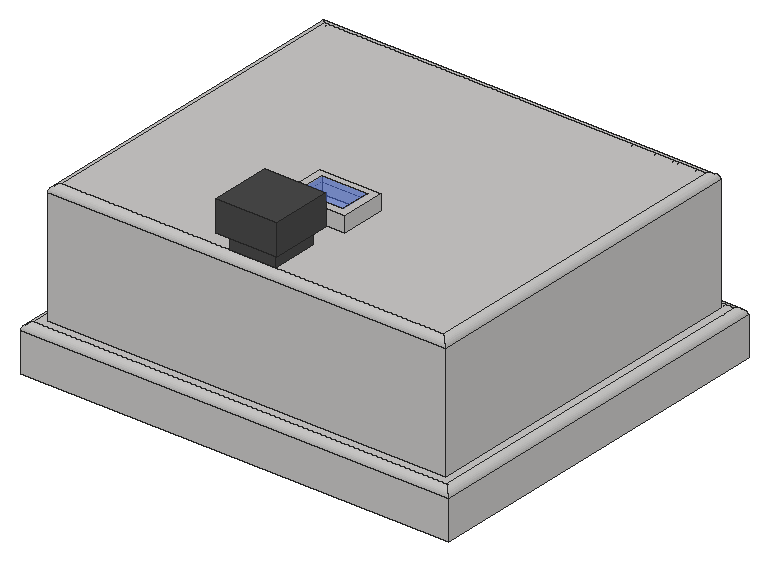
Revit family "RBA BIM - B4112", category Specialty Equipment, host Face, Revit 2013
Parameters (values of type "B-4112")
  Width = 0.1778 m
  URL = "www.rba.com.au"
  Type Comments = ""
  Product Page URL = ""
  Model = "B-4112"
  Manufacturer = "RBA Group"
  Length = 0.155575 m
  Finish Material = Stainless Steel-Bobrick
  Description = "Contura Series Surface Mounted Soap Dispenser"
  Default Elevation = 1.2192 m
  Assembly Code = "C1030210"
  ADA Compliant = yes
Reference planes (m)
  plane 1 "Center (Front/Back)": y = 0
  plane 2: z = 0
  plane 3 "Center (Left/Right)": x = 0
  plane 4: y = -0.155575
  plane 5: x = -0.0889
  plane 6: x = 0.0889
  plane 7 "Front": z = 0.06985
  plane 8: y = -0.0127
  plane 9: y = -0.007938
  plane 10: y = -0.00635
  plane 11: y = -0.001588
  plane 12: z = 0.068262
  plane 13: z = 0.017462
  plane 14: z = 0.01905
  plane 15: y = -0.104775
  plane 16: y = -0.09525
  plane 17: y = -0.1143
  plane 18: y = -0.14605
  plane 19: y = -0.127
  plane 20: x = 0.009525
  plane 21: x = -0.009525
  plane 22: z = 0.0762
  plane 23: x = 0.0127
  plane 24: x = -0.0127
  plane 25: y = -0.123807
  plane 26: y = -0.149225
  plane 27: z = 0.0889
  plane 28: y = -0.00635
  plane 29: x = -0.08255
  plane 30: x = 0.08255
  plane 31: x = -0.0127
  plane 32: x = 0.0127
  plane 33: x = 0.009525
  plane 34: x = -0.009525
  plane 35: y = -0.098425
  plane 36: y = -0.111125
Forms (m)
  Sweep 1, solid, material "Stainless Steel-Bobrick" <- "Finish Material"
    path origin (0, 0, 0) x (1, 0, 0) y (0, 1, 0)
      loop
        line (-0.0889, -0.155575) -> (0.0889, -0.155575) -> (0.0889, 0) -> (-0.0889, 0) -> (-0.0889, -0.155575)
    profile origin (0, 0, 0) x (0, 1, 0) y (0, 0, 1)
      loop
        line (0, 0) -> (0, 0.015875)
        arc (0, 0.015875) -> (-0.00093, 0.01812) -> (-0.003175, 0.01905) r 0.003175
        line (-0.003175, 0.01905) -> (-0.00635, 0.01905) -> (-0.00635, 0.066675)
        arc (-0.00635, 0.066675) -> (-0.00728, 0.06892) -> (-0.009525, 0.06985) r 0.003175
        line (-0.009525, 0.06985) -> (-0.0127, 0.06985) -> (-0.0127, 0.068262) -> (-0.009525, 0.068262)
        arc (-0.009525, 0.068262) -> (-0.008402, 0.067798) -> (-0.007937, 0.066675) r 0.001587
        line (-0.007937, 0.066675) -> (-0.007937, 0.017462) -> (-0.003175, 0.017462)
        arc (-0.003175, 0.017462) -> (-0.002052, 0.016998) -> (-0.001587, 0.015875) r 0.001587
        line (-0.001587, 0.015875) -> (-0.001587, 0) -> (0, 0)
  Extrusion 2, solid, material "Stainless Steel-Bobrick" <- "Finish Material"
    sketch origin (0, 0, 0) x (1, 0, 0) y (0, 1, 0)
      loop
        line (-0.0762, -0.0127) -> (-0.0762, -0.142875) -> (0.0762, -0.142875) -> (0.0762, -0.0127) -> (-0.0762, -0.0127)
    from 0.068262 to 0.06985
  Extrusion 3, solid, material "Glass-Bobrick-Soap Dispenser"
    sketch origin (0, 0, 0.06985) x (-1, 0, 0) y (0, -1, 0)
      loop
        line (0.009525, 0.098425) -> (0.009525, 0.111125) -> (-0.009525, 0.111125) -> (-0.009525, 0.098425) -> (0.009525, 0.098425)
    from 0.004438 to 0.00635
  Extrusion 4, solid, material "Plastic-Bobrick-Soap Dispenser-Black"
    sketch origin (0, 0, 0.06985) x (-1, 0, 0) y (0, -1, 0)
      loop
        line (0.009525, 0.127) -> (0.009525, 0.14605) -> (-0.009525, 0.14605) -> (-0.009525, 0.127) -> (0.009525, 0.127)
    from 0 to 0.00635
  Extrusion 5, solid, material "Plastic-Bobrick-Soap Dispenser-Black"
    sketch origin (0, 0, 0.06985) x (-1, 0, 0) y (0, -1, 0)
      loop
        line (0.0127, 0.123807) -> (0.0127, 0.149225) -> (-0.0127, 0.149225) -> (-0.0127, 0.123807) -> (0.0127, 0.123807)
    from 0.00635 to 0.01905
  Extrusion 6, solid, material "Stainless Steel-Bobrick" <- "Finish Material"
    sketch origin (0, 0, 0.06985) x (-1, 0, 0) y (0, -1, 0)
      loop
        line (0.0127, 0.09525) -> (0.0127, 0.1143) -> (-0.0127, 0.1143) -> (-0.0127, 0.09525) -> (0.0127, 0.09525)
      loop
        line (0.009525, 0.098425) -> (0.009525, 0.111125) -> (-0.009525, 0.111125) -> (-0.009525, 0.098425) -> (0.009525, 0.098425)
    from 0 to 0.00635
Cuts and joins
  joined: Sweep 1, Extrusion 2
Lines and regions (m)
  Masking region 1
    outline origin (0, 0, 0.06985) x (-1, 0, 0) y (0, -1, 0)
      loop
        line (0.088942, -0.000044) -> (0.088942, 0.155619) -> (-0.088942, 0.155619) -> (-0.088942, -0.000044) -> (0.088942, -0.000044)
  Masking region 2
    outline origin (0, 0, 0) x (0, 1, 0) y (0, 0, 1)
      loop
        line (0, 0) -> (0, 0.015875)
        arc (0, 0.015875) -> (-0.00093, 0.01812) -> (-0.003175, 0.01905) r 0.003175
        line (-0.003175, 0.01905) -> (-0.00635, 0.01905) -> (-0.00635, 0.066675)
        arc (-0.00635, 0.066675) -> (-0.00728, 0.06892) -> (-0.009525, 0.06985) r 0.003175
        line (-0.009525, 0.06985) -> (-0.09525, 0.06985) -> (-0.09525, 0.074625)
        arc (-0.09525, 0.074625) -> (-0.095711, 0.075739) -> (-0.096825, 0.0762) r 0.001575
        line (-0.096825, 0.0762) -> (-0.112687, 0.0762)
        arc (-0.112687, 0.0762) -> (-0.113827, 0.075727) -> (-0.1143, 0.074587) r 0.001613
        line (-0.1143, 0.074587) -> (-0.1143, 0.06985) -> (-0.127, 0.06985) -> (-0.127, 0.0762) -> (-0.123807, 0.0762) -> (-0.123807, 0.0889) -> (-0.149225, 0.0889) -> (-0.149225, 0.0762) -> (-0.14605, 0.0762) -> (-0.14605, 0.06985)
        arc (-0.14605, 0.06985) -> (-0.148295, 0.06892) -> (-0.149225, 0.066675) r 0.003175
        line (-0.149225, 0.066675) -> (-0.149225, 0.01905) -> (-0.1524, 0.01905)
        arc (-0.1524, 0.01905) -> (-0.154645, 0.01812) -> (-0.155575, 0.015875) r 0.003175
        line (-0.155575, 0.015875) -> (-0.155575, 0) -> (0, 0)
  Masking region 3
    outline origin (0, 0, 0) x (1, 0, 0) y (0, 0, 1)
      loop
        line (0.0889, 0) -> (0.0889, 0.016112)
        spline (0.0889, 0.016112) -> (0.088782, 0.016569) -> (0.088627, 0.017003) -> (0.088437, 0.017409) -> (0.088215, 0.01778) -> (0.087963, 0.018111) -> (0.087686, 0.018396) -> (0.087388, 0.018633) -> (0.087072, 0.018818) -> (0.086744, 0.018947) -> (0.086408, 0.019019) -> (0.086069, 0.019033) -> (0.085732, 0.018989)
        line (0.085732, 0.018989) -> (0.08255, 0.018989) -> (0.08255, 0.066912)
        spline (0.08255, 0.066912) -> (0.082446, 0.067322) -> (0.082313, 0.067715) -> (0.08215, 0.068085) -> (0.081962, 0.068429) -> (0.081748, 0.068743) -> (0.081513, 0.069022) -> (0.081258, 0.069265) -> (0.080988, 0.069467) -> (0.080704, 0.069627) -> (0.08041, 0.069742) -> (0.080109, 0.069812) -> (0.079806, 0.069835)
        line (0.079806, 0.069835) -> (-0.079815, 0.06985)
        spline (-0.079815, 0.06985) -> (-0.080123, 0.069812) -> (-0.080427, 0.069743) -> (-0.080723, 0.069629) -> (-0.081009, 0.069471) -> (-0.08128, 0.069271) -> (-0.081534, 0.069031) -> (-0.081768, 0.068754) -> (-0.081979, 0.068443) -> (-0.082165, 0.068102) -> (-0.082323, 0.067735) -> (-0.082452, 0.067346) -> (-0.08255, 0.066938)
        line (-0.08255, 0.066938) -> (-0.08255, 0.018989) -> (-0.085731, 0.018989)
        spline (-0.085731, 0.018989) -> (-0.086075, 0.019033) -> (-0.086419, 0.01902) -> (-0.08676, 0.018948) -> (-0.087091, 0.018821) -> (-0.087408, 0.018638) -> (-0.087707, 0.018404) -> (-0.087983, 0.018121) -> (-0.088233, 0.017793) -> (-0.088452, 0.017426) -> (-0.088638, 0.017023) -> (-0.088788, 0.016592) -> (-0.0889, 0.016138)
        line (-0.0889, 0.016138) -> (-0.0889, 0) -> (0.0889, 0)
  symbolic lines, style "Soap Dispenser"
    curve 1: line (-0.08255, -0.00635, 0.06985) -> (0.08255, -0.00635, 0.06985)
    curve 2: line (-0.08255, -0.149225, 0.06985) -> (-0.08255, -0.00635, 0.06985)
    curve 3: line (0.08255, -0.149225, 0.06985) -> (-0.08255, -0.149225, 0.06985)
    curve 4: line (0.08255, -0.00635, 0.06985) -> (0.08255, -0.149225, 0.06985)
    curve 5: line (-0.0127, -0.149225, 0.06985) -> (-0.0127, -0.123807, 0.06985)
    curve 6: line (-0.0127, -0.123807, 0.06985) -> (0.0127, -0.123807, 0.06985)
    curve 7: line (0.0127, -0.123807, 0.06985) -> (0.0127, -0.149225, 0.06985)
    curve 8: line (0, -0.09525, 0.06985) -> (0, -0.1143, 0.06985)
    curve 9: line (0, -0.127, 0.06985) -> (0, -0.14605, 0.06985)
    curve 10: line (0, -0.127, 0.0762) -> (0, -0.14605, 0.0762)
    curve 11: line (0, -0.00635, 0.01905) -> (0, -0.149225, 0.01905)
    curve 12: line (0.08255, 0, 0.018989) -> (-0.08255, 0, 0.018989)
    curve 13: line (-0.0127, -0.076408, 0) -> (0.0127, -0.076408, 0)
    curve 14: line (-0.0127, -0.1143, 0) -> (-0.0127, -0.076408, 0)
    curve 15: line (0.0127, -0.1143, 0) -> (-0.0127, -0.1143, 0)
    curve 16: line (0.0127, -0.076408, 0) -> (0.0127, -0.1143, 0)
    curve 17: line (-0.009525, -0.077948, 0) -> (0.009525, -0.077948, 0)
    curve 18: line (-0.009525, -0.111125, 0) -> (-0.009525, -0.077948, 0)
    curve 19: line (0.009525, -0.111125, 0) -> (-0.009525, -0.111125, 0)
    curve 20: line (0.009525, -0.077948, 0) -> (0.009525, -0.111125, 0)
Dimensions and locks (m)
  equal spacing: plane 5, plane 3 "Center (Left/Right)", plane 6
  "Width": plane 5 to plane 6
  "Length": plane 4 to plane 1 "Center (Front/Back)"
  locked: plane 7 "Front" to level at 0.06985
  plane 1 "Center (Front/Back)" to plane 4 = 0.155575 m
  locked: plane 13 to level at 0.017462
  locked: plane 13 to plane 14 at 0.001588
  locked: plane 14 to plane 12 at 0.049212
  locked: plane 1 "Center (Front/Back)" to plane 11 at 0.001588
  locked: plane 11 to plane 10 at 0.004763
  locked: plane 10 to plane 9 at 0.001587
  locked: plane 9 to plane 8 at 0.004762
  locked: plane 15 to plane 4 at 0.0508
  equal spacing: plane 17, plane 15, plane 16
  locked: plane 17 to plane 16 at 0.01905
  locked: plane 18 to plane 4 at 0.009525
  locked: plane 19 to plane 18 at 0.01905
  equal spacing: plane 21, plane 3 "Center (Left/Right)", plane 20
  locked: plane 21 to plane 20 at 0.01905
  locked: plane 22 to plane 7 "Front" at 0.00635
  locked: plane 18 to plane 26 at 0.003175
  locked: plane 25 to plane 19 at 0.003193
  locked: plane 24 to plane 21 at 0.003175
  locked: plane 20 to plane 23 at 0.003175
  locked: plane 27 to plane 22 at 0.0127
  locked: plane 1 "Center (Front/Back)" to plane 28 at 0.00635
  locked: plane 29 to plane 5 at 0.00635
  locked: plane 30 to plane 6 at 0.00635
  plane 31 to plane 3 "Center (Left/Right)" to plane 32 = 0.0127 m locked, 0.0127 m locked
  locked: plane 31 to plane 34 at 0.003175
  locked: plane 33 to plane 32 at 0.003175
  locked: plane 16 to plane 35 at 0.003175
  locked: plane 17 to plane 36 at 0.003175
  locked: plane 22 to Extrusion 3 at 0.001912
  aligned and locked: plane 2 to host face
  aligned and locked: level to host face
  aligned and locked: plane 1 "Center (Front/Back)" to Sweep 1 sketch curve  (x2)
  aligned and locked: plane 6 to Sweep 1 sketch curve
  aligned and locked: plane 4 to Sweep 1 sketch curve
  aligned and locked: plane 5 to Sweep 1 sketch curve
  aligned and locked: Sweep 1 sketch curve to plane 8
  aligned and locked: Sweep 1 sketch curve to plane 7 "Front"
  aligned and locked: plane 12 to Sweep 1 sketch curve
  aligned and locked: plane 9 to Sweep 1 sketch curve
  aligned and locked: plane 10 to Sweep 1 sketch curve
  aligned and locked: plane 14 to Sweep 1 sketch curve
  aligned and locked: plane 13 to Sweep 1 sketch curve
  aligned and locked: plane 11 to Sweep 1 sketch curve
  aligned and locked: Sweep 1 sketch curve to level
  aligned and locked: Extrusion 2 sketch curve to Sweep 1  (x4)
  aligned and locked: Sweep 1 to Extrusion 2
  aligned and locked: plane 7 "Front" to Extrusion 2
  aligned and locked: Extrusion 4 sketch curve to plane 19
  aligned and locked: plane 21 to Extrusion 4 sketch curve
  aligned and locked: plane 18 to Extrusion 4 sketch curve
  aligned and locked: Extrusion 4 sketch curve to plane 20
  aligned and locked: plane 22 to Extrusion 4
  aligned and locked: Extrusion 4 to plane 7 "Front"
  aligned and locked: Extrusion 5 sketch curve to plane 25
  aligned and locked: plane 24 to Extrusion 5 sketch curve
  aligned and locked: plane 26 to Extrusion 5 sketch curve
  aligned and locked: Extrusion 5 sketch curve to plane 23
  aligned and locked: Extrusion 5 to Extrusion 4
  aligned and locked: plane 27 to Extrusion 5
  aligned and locked: Masking region 1 sketch curve to cut or joined group of Sweep 1, Extrusion 2  (x4)
  aligned and locked: curve 1 to plane 28
  aligned and locked: curve 2 to plane 29
  aligned and locked: plane 26 to curve 3
  aligned and locked: curve 4 to plane 30
  aligned and locked: plane 23 to Extrusion 5
  aligned and locked: plane 25 to Extrusion 5
  aligned and locked: Extrusion 5 to plane 24
  aligned and locked: Masking region 2 sketch curve to cut or joined group of Sweep 1, Extrusion 2  (x5)
  aligned and locked: plane 4 to Masking region 2 sketch curve
  aligned and locked: plane 1 "Center (Front/Back)" to Masking region 2 sketch curve
  aligned and locked: Masking region 2 sketch curve to host face
  aligned and locked: Masking region 2 sketch curve to Extrusion 5
  aligned and locked: Masking region 2 sketch curve to plane 25
  aligned and locked: plane 22 to Masking region 2 sketch curve  (x2)
  aligned and locked: plane 18 to Masking region 2 sketch curve
  aligned and locked: Masking region 2 sketch curve to plane 19
  aligned and locked: plane 17 to Masking region 2 sketch curve
  aligned and locked: Masking region 2 sketch curve to plane 16
  aligned and locked: plane 7 "Front" to Masking region 2 sketch curve
  aligned and locked: plane 16 to curve 8
  aligned and locked: plane 17 to curve 8
  aligned and locked: curve 8 to plane 7 "Front"
  aligned and locked: plane 19 to curve 9
  aligned and locked: plane 18 to curve 9
  aligned and locked: curve 9 to plane 7 "Front"
  aligned and locked: plane 19 to curve 10
  aligned and locked: plane 18 to curve 10
  aligned and locked: curve 10 to plane 22
  aligned and locked: plane 28 to curve 11
  aligned and locked: plane 26 to curve 11
  aligned and locked: curve 11 to cut or joined group of Sweep 1, Extrusion 2
  aligned and locked: Masking region 3 sketch curve to plane 6
  aligned and locked: Masking region 3 sketch curve to plane 30
  aligned and locked: plane 7 "Front" to Masking region 3 sketch curve
  aligned and locked: plane 29 to Masking region 3 sketch curve
  aligned and locked: plane 5 to Masking region 3 sketch curve
  aligned and locked: host face to Masking region 3 sketch curve
  aligned and locked: Masking region 3 to curve 12
  aligned and locked: plane 30 to curve 12
  aligned and locked: curve 12 to plane 29
  aligned and locked: Extrusion 6 sketch curve to plane 16
  aligned and locked: Extrusion 6 sketch curve to plane 31
  aligned and locked: Extrusion 6 sketch curve to plane 17
  aligned and locked: plane 32 to Extrusion 6 sketch curve
  aligned and locked: Extrusion 6 sketch curve to plane 35
  aligned and locked: plane 34 to Extrusion 6 sketch curve
  aligned and locked: Extrusion 6 sketch curve to plane 36
  aligned and locked: plane 33 to Extrusion 6 sketch curve
  aligned and locked: plane 22 to Extrusion 6
  aligned and locked: Extrusion 6 to plane 7 "Front"
  aligned and locked: Extrusion 5 to Extrusion 3
  aligned and locked: curve 15 to plane 17
  aligned and locked: curve 16 to plane 32
  aligned and locked: Extrusion 5 to plane 32
  aligned and locked: plane 31 to Extrusion 5
  aligned and locked: curve 6 to plane 25
  aligned and locked: Extrusion 5 to plane 26
  aligned and locked: Extrusion 3 to Extrusion 6  (x3)
  aligned and locked: Extrusion 4 to Extrusion 3
Automatic sketch dimensions
  host sketch curve to host sketch curve = 2.4384 m  (x2)
  Sweep 1 sketch curve to Sweep 1 sketch curve = 0.000 m  (x2)
  plane 9 to Sweep 1 sketch curve = 0.001587 m
  plane 11 to Sweep 1 sketch curve = 0.001588 m
  curve 6 to plane 23 = 0.000 m
  curve 5 to plane 24 = 0.000 m
  Masking region 2 sketch curve to plane 26 = 0.000 m
  Masking region 2 sketch curve to plane 17 = 0.001613 m
  Masking region 2 sketch curve to plane 16 = 0.001575 m
  plane 5 to Masking region 3 sketch curve = 0.002689 m
  plane 5 to Masking region 3 sketch curve = 0.002779 m
  Masking region 3 sketch curve to Masking region 3 sketch curve = 0.00048 m
  Masking region 3 sketch curve to plane 7 "Front" = 0.000015 m  (x2)
  Masking region 3 sketch curve to plane 29 = 0.002689 m
  Masking region 3 sketch curve to Masking region 3 sketch curve = 0.000046 m
  Masking region 3 sketch curve to Masking region 3 sketch curve = 0.000 m  (x2)
  Masking region 3 sketch curve to plane 29 = 0.002779 m
  Masking region 3 sketch curve to plane 30 = 0.002787 m
  Masking region 3 sketch curve to Masking region 3 sketch curve = 0.000043 m
  Masking region 3 sketch curve to plane 30 = 0.002699 m
  plane 6 to Masking region 3 sketch curve = 0.003168 m
  Masking region 3 sketch curve to Masking region 3 sketch curve = 0.000381 m
  plane 6 to Masking region 3 sketch curve = 0.002699 m
  level to Masking region 3 sketch curve = 0.015003 m  (x2)
  Masking region 3 sketch curve to Masking region 3 sketch curve = 0.001109 m  (x2)
  Masking region 3 sketch curve to Masking region 3 sketch curve = 0.001136 m
  Masking region 3 sketch curve to plane 7 "Front" = 0.002912 m
  curve 18 to plane 21 = 0.000 m
  curve 17 to plane 20 = 0.000 m
  plane 36 to curve 19 = 0.000 m
  plane 16 to curve 17 = 0.017302 m
  plane 22 to Masking region 2 sketch curve = 0.000 m
  curve 15 to plane 24 = 0.000 m
  curve 17 to curve 14 = 0.00154 m
  plane 20 to Extrusion 3 sketch curve = 0.000 m
  plane 21 to Extrusion 3 sketch curve = 0.000 m
  plane 35 to Extrusion 3 sketch curve = 0.000 m
  Extrusion 3 sketch curve to plane 36 = 0.000 m
